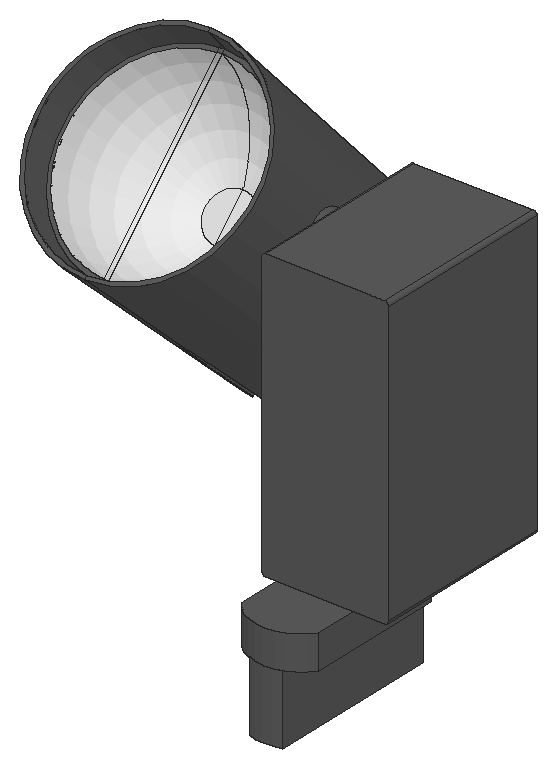
Revit family "0004847 Feilo Sylvania Lighting Fixture START TRACK SPOT S 14W 4K RA80 NB BLACK", category Lighting Fixtures, host Face, Revit 2017 (continued)
Definition of nested family "Start Track Spot Head"
  Types (96, lengths in mm): name | Wattage | built-in parameter 1150134 | Photometric Web File | Model | built-in parameter 1150105 | Lumens | built-in parameter 1150107 | built-in parameter 1150106 | HeadThickness_FEILO | HeadRibOffset_FEILO | HeadRibDepth_FEILO | HeadRibCutWidth_FEILO | HeadRibCutOffset_FEILO | HeadReflectorRadius_FEILO | HeadReflectorOffset_FEILO | HeadLEDRadius_FEILO | HeadHeight_FEILO | HeadDiffusorOffset_FEILO | HeadDiaOut_FEILO | HeadDiaIn_FEILO | HeadAxisFromTop_FEILO | Emit from Circle Diameter | built-in parameter 1150104 | Description | Apparent Load
    0004812 START TRACK SPOT S 14W 3K RA80 MB WHITE | 14 W | (empty or 0) | "0004812.ies" | "START TRACK SPOT S 14W 3K RA80 MB WHITE" | 120.32 (stored number, unit not read) | 1512 lm | 3000 (stored number, unit not read) | 1.2032 (stored number, unit not read) | 1.5 | 4.179 | 55.714 | 7.167 | 50.87 | 50.588 | 55.714 | 9.556 | 117 | 9.435 | 86 | 77.477 | 69.354 | 77.477 | 10.034 (stored number, unit not read) | "Integrated LED spotlight, Textured White - RAL9016, compact and minimalist design, ideal for retail applications, die-cast aluminium body, passive cooling heatsink. Beam angle: 36°, color temperature: 3000K , total system power: 14W, total fixture output: 1508 lm, LOR: 100%, colour rendering: Ra: 80 typical, LED Chromaticity: 3 step MacAdam ellipse, lifetime: >50000 hours at L70B50, energy class: A++, A+, A, IR/UV free light source without heat radiation, operating voltage: 220-240V / 50-60Hz, drive current: 350mA, electronic driver, non-dimmable, power factor: 0.92, electrical protection: Class II, Global Track 3 Phase adapter suitable for Global trac 3-circuit tracks, ingress protection rating: IP20, suitable for internal environment only, horizontal rotation: 355°, vertical tilt: 90°, dimensions: Ø86x140x200, weight: 0.940kg." | 14 VA
    0004811 START TRACK SPOT S 14W 3K RA80 NB WHITE | 14 W | (empty or 0) | "0004811.ies" | "START TRACK SPOT S 14W 3K RA80 NB WHITE" | 123.66 (stored number, unit not read) | 1554 lm | 3000 (stored number, unit not read) | 1.2366 (stored number, unit not read) | 1.5 | 4.179 | 55.714 | 7.167 | 50.87 | 50.588 | 55.714 | 9.556 | 117 | 9.435 | 86 | 77.477 | 69.354 | 77.477 | 10.312 (stored number, unit not read) | "Integrated LED spotlight, Textured White - RAL9016, compact and minimalist design, ideal for retail applications, die-cast aluminium body, passive cooling heatsink. Beam angle: 12°, color temperature: 3000K , total system power: 14W, total fixture output: 1551 lm, LOR: 100%, colour rendering: Ra: 80 typical, LED Chromaticity: 3 step MacAdam ellipse, lifetime: >50000 hours at L70B50, energy class: A++, A+, A, IR/UV free light source without heat radiation, operating voltage: 220-240V / 50-60Hz, drive current: 350mA, electronic driver, non-dimmable, power factor: 0.92, electrical protection: Class II, Global Track 3 Phase adapter suitable for Global trac 3-circuit tracks, ingress protection rating: IP20, suitable for internal environment only, horizontal rotation: 355°, vertical tilt: 90°, dimensions: Ø86x140x200, weight: 0.940kg." | 14 VA
  Reference planes
    plane 1 "Center (Front/Back)": y = 0
    plane 2: z = 0
    plane 3 "Center (Left/Right)": x = 0
    plane 4: x = 43
    plane 5: x = -43
    plane 6: x = -38.739
    plane 7: x = 38.739
    plane 8: z = 69.354
    plane 9: z = -47.646
    plane 10: x = -41.5
    plane 11: x = -37.239
    plane 12: z = -38.211
    plane 13: z = -35.211
    plane 14: z = 8.068
    plane 15: x = -9.556
    plane 16: x = -28.667
    plane 17: x = -19.111
    plane 18: x = -27.167
    plane 19: x = -17.611
    plane 20: x = -8.056
    plane 21: z = 13.64
    plane 22: x = -29.667
    plane 23: x = -26.167
    plane 24: x = -20.111
    plane 25: x = -16.611
    plane 26: x = -10.556
    plane 27: x = -7.056
    plane 28: x = -36.239
    plane 29: x = -40.5
    plane 30: z = 65.175
    plane 31: z = 60.997
    plane 32: z = 56.818
    plane 33: z = 18.484
    plane 34: y = -43
    plane 35: y = 43
    plane 36: y = 3.583
    plane 37: y = -3.583
    plane 38: y = -2.583
    plane 39: y = 2.583
    plane 40: y = 46
    plane 41: z = 13.5
    plane 42: z = -13.5
    plane 43: y = 39
    plane 44: x = 4.708
    plane 45: x = -2.458
    plane 46: x = -1.458
    plane 47: x = 1.458
  Forms (mm)
    Extrusion 1, solid
      sketch origin (4.2, 0, 0) x (1, 0, 0) y (0, 1, 0)
        loop
          line (-1219.2, 1219.2) -> (-1219.2, -1219.2) -> (1219.2, -1219.2) -> (1219.2, 1219.2) -> (-1219.2, 1219.2)
      from 0 to -68.017
    Revolve 2, solid, material <- "Material_1_FEILO", detail levels medium+fine
      sketch origin (0, 0, 0) x (1, 0, 0) y (0, 0, 1)
        loop
          line (-43, -47.646) -> (-41.5, -47.646) -> (-40.5, -35.211) -> (-38.739, -35.211)
          arc (-38.739, -35.211) -> (-30.16, -9.517) -> (-9.556, 8.068) r 50.588
          line (-9.556, 8.068) -> (0, 8.068) -> (0, 13.64) -> (-16.611, 13.64) -> (-17.611, 60.997) -> (-19.111, 60.997) -> (-20.111, 13.64) -> (-36.239, 13.64) -> (-37.239, 69.354) -> (-38.739, 69.354) -> (-43, -47.646)
        axis (0, 69.354) -> (0, -47.646)
      angle from 360 to 0
    Extrusion 3, void
      sketch origin (0, 0, 0) x (0, 1, 0) y (0, 0, 1)
        loop
          line (-3.583, 69.354) -> (-2.583, 18.484) -> (1.932, 18.484) -> (2.932, 69.354) -> (-3.583, 69.354)
      from 43 to -43
    Revolve 4, solid, material <- "Material_2_FEILO", detail levels medium+fine
      sketch origin (0, 0, 0) x (1, 0, 0) y (0, 0, 1)
        loop
          line (-41.5, -38.211) -> (0, -38.211) -> (0, -35.211) -> (-41.5, -35.211) -> (-41.5, -38.211)
        axis (0, -35.211) -> (0, -38.211)
      angle from 360 to 0
    Revolve 5, solid, material <- "Material_1_FEILO"
      sketch origin (0, 0, 0) x (0, 1, 0) y (0, 0, 1)
        loop
          line (46, 0) -> (39, 0) -> (39, -13.5) -> (46, -13.5) -> (46, 0)
        axis (39, 0) -> (46, 0)
      angle from 360 to 0
    Revolve 6, solid, material <- "Material_1_FEILO", detail levels medium+fine
      sketch origin (0, 0, 0) x (1, 0, 0) y (0, 0, 1)
        loop
          line (-29.667, 13.64) -> (-26.167, 13.64) -> (-27.167, 65.175) -> (-28.667, 65.175) -> (-29.667, 13.64)
        loop
          line (-10.556, 13.64) -> (-7.056, 13.64) -> (-7.833, 56.818) -> (-9.778, 56.818) -> (-10.556, 13.64)
        axis (0, 65.175) -> (0, 13.64)
      angle from 360 to 0
    Extrusion 7, void
      sketch origin (0, 0, 0) x (1, 0, 0) y (0, 0, 1)
        loop
          line (4.708, 69.354) -> (-2.458, 69.354) -> (-1.458, 13.64) -> (1.458, 13.64) -> (4.708, 69.354)
      from -43 to 43
    Revolve 8, solid, material <- "Material_1_FEILO", detail levels coarse
      sketch origin (0, 0, 0) x (1, 0, 0) y (0, 0, 1)
        loop
          line (0, 69.354) -> (-38.739, 69.354) -> (-43, -47.646) -> (-41.5, -47.646) -> (-40.731, -38.211) -> (0, -38.211) -> (0, 69.354)
        axis (0, 69.354) -> (0, -47.646)
      angle from 360 to 0
  Cuts and joins
    Extrusion 3 cuts Revolve 2
    Extrusion 7 cuts Revolve 6
  Dimensions and locks
    equal spacing: plane 7, plane 3 "Center (Left/Right)", plane 6
    equal spacing: plane 4, plane 3 "Center (Left/Right)", plane 5
    "HeadDiaOut_FEILO": plane 4 to plane 5
    "HeadDiaIn_FEILO": plane 7 to plane 6
    "HeadHeight_FEILO": plane 8 to plane 9
    "HeadThickness_FEILO": plane 10 to plane 5
    "HeadThickness_FEILO": plane 11 to plane 6
    "HeadDiffusorOffset_FEILO": plane 12 to plane 9
    "HeadDiffusorThickness_FEILO": plane 13 to plane 12
    "HeadReflectorOffset_FEILO": plane 14 to plane 9
    "HeadLEDRadius_FEILO": plane 3 "Center (Left/Right)" to plane 15
    "HeadLEDRadius_FEILO": plane 15 to plane 17
    "HeadLEDRadius_FEILO": plane 17 to plane 16
    "HeadThickness_FEILO": plane 18 to plane 16
    "HeadThickness_FEILO": plane 19 to plane 17
    "HeadThickness_FEILO": plane 20 to plane 15
    "HeadRibDepth_FEILO": plane 8 to plane 21
    "HeadDraft_FEILO": plane 16 to plane 22
    "HeadDraft_FEILO": plane 23 to plane 18
    "HeadDraft_FEILO": plane 17 to plane 24
    "HeadDraft_FEILO": plane 25 to plane 19
    "HeadDraft_FEILO": plane 15 to plane 26
    "HeadDraft_FEILO": plane 27 to plane 20
    "HeadDraft_FEILO": plane 29 to plane 10
    "HeadDraft_FEILO": plane 28 to plane 11
    "HeadRibOffset_FEILO": plane 8 to plane 30
    "HeadRibOffset_FEILO": plane 30 to plane 31
    "HeadRibOffset_FEILO": plane 31 to plane 32
    "HeadAxisFromTop_FEILO": plane 8 to plane 2
    "HeadRibCutOffset_FEILO": plane 8 to plane 33
    equal spacing: plane 34, plane 1 "Center (Front/Back)", plane 35
    "HeadDiaOut_FEILO": plane 34 to plane 35
    equal spacing: plane 38, plane 1 "Center (Front/Back)", plane 39
    equal spacing: plane 37, plane 1 "Center (Front/Back)", plane 36
    "HeadRibCutWidth_FEILO": plane 37 to plane 36
    "HeadDraft_FEILO": plane 37 to plane 38
    locked: plane 35 to plane 40 at 3
    equal spacing: plane 41, plane 2, plane 42
    locked: plane 42 to plane 41 at 27
    locked: plane 43 to plane 35 at 4
    equal spacing: plane 45, imposter light, plane 44
    "HeadDraft_FEILO": plane 46 to plane 45
    "HeadRibCutWidth_FEILO": plane 44 to plane 45
    equal spacing: plane 47, plane 3 "Center (Left/Right)", plane 46
    "HeadReflectorRadius_FEILO": radius of Revolve 2 sketch curve
    aligned and locked: plane 2 to Extrusion 1
    aligned and locked: level to Extrusion 1
    aligned and locked: Revolve 2 sketch curve to plane 3 "Center (Left/Right)"  (x2)
    aligned and locked: plane 9 to Revolve 2 sketch curve  (x2)
    aligned and locked: plane 5 to Revolve 2 sketch curve
    aligned and locked: plane 10 to Revolve 2 sketch curve
    aligned and locked: plane 14 to Revolve 2 sketch curve
    aligned and locked: plane 8 to Revolve 2 sketch curve
    aligned and locked: Revolve 2 sketch curve to plane 13
    aligned and locked: plane 12 to Revolve 4 sketch curve
    aligned and locked: plane 3 "Center (Left/Right)" to Revolve 4 sketch curve
    aligned and locked: Revolve 4 sketch curve to plane 10
    aligned and locked: Revolve 4 sketch curve to plane 3 "Center (Left/Right)"
    aligned and locked: plane 12 to imposter light
    aligned and locked: imposter light to plane 1 "Center (Front/Back)"
    aligned and locked: Revolve 5 sketch curve to plane 2
    aligned and locked: plane 43 to Revolve 5 sketch curve
    aligned and locked: plane 42 to Revolve 5 sketch curve
    aligned and locked: Revolve 6 sketch curve to plane 3 "Center (Left/Right)"
    aligned and locked: plane 22 to Revolve 6 sketch curve
    aligned and locked: plane 30 to Revolve 6 sketch curve
    aligned and locked: plane 23 to Revolve 6 sketch curve
    aligned and locked: Revolve 6 sketch curve to plane 21  (x2)
    aligned and locked: plane 21 to Revolve 6 sketch curve
    aligned and locked: plane 17 to Revolve 2 sketch curve
    aligned and locked: plane 19 to Revolve 2 sketch curve
    aligned and locked: plane 31 to Revolve 2 sketch curve
    aligned and locked: plane 21 to Revolve 2 sketch curve
    aligned and locked: Extrusion 3 to plane 8
    aligned and locked: plane 33 to Extrusion 3
    aligned and locked: plane 8 to Extrusion 3 sketch curve
    aligned and locked: Extrusion 3 sketch curve to plane 33
    aligned and locked: Extrusion 3 to plane 5
    aligned and locked: plane 4 to Extrusion 3
    aligned and locked: plane 32 to Revolve 6 sketch curve
    aligned and locked: plane 44 to Extrusion 7 sketch curve
    aligned and locked: Extrusion 7 sketch curve to plane 8
    aligned and locked: plane 46 to Extrusion 7 sketch curve
    aligned and locked: plane 21 to Extrusion 7 sketch curve
    aligned and locked: plane 34 to Extrusion 7
    aligned and locked: Extrusion 7 to plane 35
    aligned and locked: Revolve 4 sketch curve to plane 13
    aligned and locked: Revolve 5 sketch curve to plane 40
    aligned and locked: Revolve 8 sketch curve to plane 3 "Center (Left/Right)"
    aligned and locked: Revolve 8 sketch curve to cut or joined group of Revolve 2, Extrusion 3  (x3)
    aligned and locked: plane 5 to Revolve 8 sketch curve
    aligned and locked: plane 3 "Center (Left/Right)" to Revolve 8 sketch curve
    aligned and locked: plane 12 to Revolve 8 sketch curve
  Automatic sketch dimensions
    Extrusion 1 sketch curve to Extrusion 1 sketch curve = 2438.4 mm  (x2)
    Extrusion 3 sketch curve to plane 37 = 0 mm
    Extrusion 3 sketch curve to plane 38 = 0 mm
    plane 39 to Extrusion 3 sketch curve = 0.651 mm
    Extrusion 3 sketch curve to plane 39 = 0.349 mm
    Revolve 6 sketch curve to plane 16 = 0 mm
    Revolve 6 sketch curve to plane 18 = 0 mm
    Revolve 6 sketch curve to plane 26 = 0 mm
    Revolve 6 sketch curve to plane 27 = 0 mm
    Revolve 6 sketch curve to plane 15 = 0.222 mm
    plane 9 to Revolve 6 sketch curve = 559.103 mm
    Revolve 6 sketch curve to plane 8 = 2535.555 mm
    plane 20 to Revolve 6 sketch curve = 0.222 mm
    Revolve 2 sketch curve to plane 29 = 0 mm
    Revolve 2 sketch curve to plane 6 = 0 mm  (x2)
    Revolve 2 sketch curve to plane 11 = 0 mm
    Revolve 2 sketch curve to plane 21 = 0 mm
    Revolve 2 sketch curve to plane 28 = 0 mm
    Revolve 2 sketch curve to plane 24 = 0 mm
    Revolve 2 sketch curve to plane 25 = 0 mm
    Revolve 2 sketch curve to plane 15 = 0 mm
    Revolve 2 sketch curve to Revolve 2 sketch curve = 557.155 mm
    Revolve 2 sketch curve to plane 8 = 2535.558 mm
    Extrusion 7 sketch curve to plane 45 = 0 mm
    Extrusion 7 sketch curve to plane 47 = 0 mm
    plane 9 to Revolve 4 sketch curve = 559.103 mm
    Revolve 4 sketch curve to plane 8 = 2535.555 mm
    Revolve 5 sketch curve to level = 0 mm
    plane 34 to Revolve 5 sketch curve = 1968.092 mm
    Revolve 5 sketch curve to plane 40 = 1405.763 mm
    Revolve 8 sketch curve to plane 6 = 0 mm
    Revolve 8 sketch curve to plane 29 = 0.231 mm
    plane 9 to Revolve 8 sketch curve = 559.103 mm
    Revolve 8 sketch curve to Revolve 8 sketch curve = 2535.555 mm
Definition of nested family "Start Track Spot Box"
  Parameters (values of type "Type Large White")
    URL = "http://www.feilosylvania.com"
    Type Image = (empty or 0)
    Type Comments = "n/a"
    Small_FEILO = no
    Material_3_FEILO = none
    Model = ""
    Manufacturer = "Feilo Sylvania"
    Keynote = ""
    Material_2_FEILO = none
    Description = ""
    Default Elevation = 1219.2 mm
    Cost = 0
    Material_1_FEILO = none
    BoxWidth_FEILO = 49 mm
    BoxStartAngle_FEILO [instance] = 0.00°
    BoxRadius_FEILO = 1.5 mm
    BoxHeight_FEILO = if(Small_FEILO, 112 mm, 136 mm)  # 136 mm
    BoxEndAngle_FEILO [instance] = BoxStartAngle_FEILO - 180.00°  # -180.00°
    BoxDepth_FEILO = if(Small_FEILO, 71.5 mm, 79 mm)  # 79 mm
    BoxAxisVerticalOffset_FEILO = 16 mm
    BoxAxisOffset_FEILO = BoxHeight_FEILO / 6.8  # 20 mm
    Assembly Code = ""
    Material_4_FEILO = none
  Types (4, lengths in mm): name | Small_FEILO | BoxHeight_FEILO | BoxDepth_FEILO | BoxAxisOffset_FEILO
    Type Large White | no | 136 | 79 | 20
    Type Small White | yes | 112 | 71.5 | 16.471
    Type Small Black | yes | 112 | 71.5 | 16.471
    Type Large Black | no | 136 | 79 | 20
  Reference planes
    plane 1 "Center (Front/Back)": y = 0
    plane 2: z = 0
    plane 3 "Center (Left/Right)": x = 0
    plane 4: x = 24.5
    plane 5: x = -24.5
    plane 6: y = 68
    plane 7: y = -68
    plane 8: z = 39.5
    plane 9: z = -39.5
    plane 10: y = -48
    plane 11: x = 30.5
    plane 12: x = 8.5
    plane 13: x = 21.5
    plane 14: y = 70
    plane 15: y = 72
    plane 16: x = 19.5
  Forms (mm)
    Extrusion 1, solid
      sketch origin (4.2, 0, 0) x (1, 0, 0) y (0, 1, 0)
        loop
          line (-1219.2, 1219.2) -> (-1219.2, -1219.2) -> (1219.2, -1219.2) -> (1219.2, 1219.2) -> (-1219.2, 1219.2)
      from 0 to -68.017
    Extrusion 2, solid, material <- "Material_1_FEILO"
      sketch origin (0, 0, 0) x (1, 0, 0) y (0, 1, 0)
        loop
          arc (-23, 68) -> (-24.061, 67.561) -> (-24.5, 66.5) r 1.5
          line (-24.5, 66.5) -> (-24.5, -66.5)
          arc (-24.5, -66.5) -> (-24.061, -67.561) -> (-23, -68) r 1.5
          line (-23, -68) -> (23, -68)
          arc (23, -68) -> (24.061, -67.561) -> (24.5, -66.5) r 1.5
          line (24.5, -66.5) -> (24.5, 66.5)
          arc (24.5, 66.5) -> (24.061, 67.561) -> (23, 68) r 1.5
          line (23, 68) -> (-23, 68)
      from -39.5 to 39.5
    Revolve 3, solid, not visible
      sketch origin (0, 0, 0) x (1, 0, 0) y (0, 1, 0)
        loop
          line (30.5, -48) -> (24.5, -48) -> (24.5, -68) -> (30.5, -68) -> (30.5, -48)
        axis (30.5, -48) -> (24.5, -48)
      angle from 0 <- "BoxStartAngle_FEILO" to -180 <- "BoxEndAngle_FEILO"
    Revolve 4, solid, material <- "Material_2_FEILO"
      sketch origin (0, 0, 0) x (1, 0, 0) y (0, 1, 0)
        loop
          line (8.5, 68) -> (19.5, 68) -> (19.5, 70) -> (21.5, 70) -> (21.5, 72) -> (8.5, 72) -> (8.5, 68)
        axis (8.5, 72) -> (8.5, 68)
      angle from 360 to 0
  Dimensions and locks
    equal spacing: plane 5, plane 3 "Center (Left/Right)", plane 4
    "BoxWidth_FEILO": plane 5 to plane 4
    equal spacing: plane 7, plane 1 "Center (Front/Back)", plane 6
    "BoxHeight_FEILO": plane 7 to plane 6
    equal spacing: plane 8, plane 2, plane 9
    "BoxDepth_FEILO": plane 8 to plane 9
    "BoxAxisOffset_FEILO": plane 7 to plane 10
    locked: plane 4 to plane 11 at 6
    "BoxAxisVerticalOffset_FEILO": plane 12 to plane 4
    locked: plane 12 to plane 13 at 13
    plane 6 to plane 14 to plane 15 = 2 mm locked, 2 mm locked
    locked: plane 12 to plane 16 at 11
    "BoxRadius_FEILO": radius of Extrusion 2 sketch curve  (x4)
    aligned and locked: plane 2 to Extrusion 1
    aligned and locked: level to Extrusion 1
    aligned and locked: plane 6 to Extrusion 2 sketch curve
    aligned and locked: plane 5 to Extrusion 2 sketch curve
    aligned and locked: Extrusion 2 sketch curve to plane 7
    aligned and locked: Extrusion 2 sketch curve to plane 4
    aligned and locked: Extrusion 2 to plane 8
    aligned and locked: plane 9 to Extrusion 2
    aligned and locked: Revolve 3 sketch curve to plane 10  (x2)
    aligned and locked: plane 11 to Revolve 3 sketch curve
    aligned and locked: Revolve 3 sketch curve to plane 4
    aligned and locked: plane 7 to Revolve 3 sketch curve
    aligned and locked: Revolve 4 sketch curve to plane 12
    aligned and locked: plane 6 to Revolve 4 sketch curve
    aligned and locked: plane 12 to Revolve 4 sketch curve
    aligned and locked: plane 15 to Revolve 4 sketch curve
    aligned and locked: Revolve 4 sketch curve to plane 13
    aligned and locked: Revolve 4 sketch curve to plane 14
    aligned and locked: Revolve 4 sketch curve to plane 16
    aligned and locked: Revolve 4 sketch curve to plane 6
  Automatic sketch dimensions
    Extrusion 1 sketch curve to Extrusion 1 sketch curve = 2438.4 mm  (x2)
    Revolve 3 sketch curve to plane 5 = 1499.5 mm
    plane 11 to Revolve 3 sketch curve = 1493.5 mm
    plane 15 to Revolve 4 sketch curve = 0 mm
    plane 7 to Revolve 4 sketch curve = 1456 mm
    Revolve 4 sketch curve to plane 15 = 1452 mm
